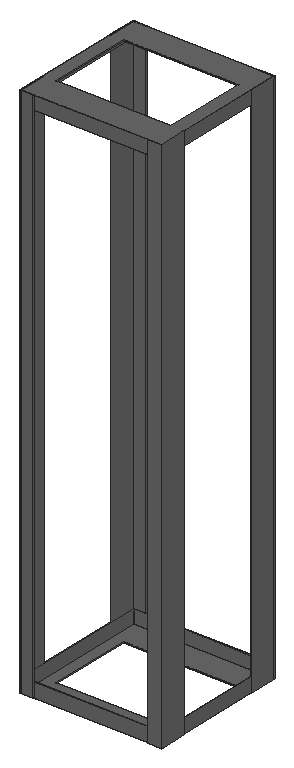
Revit family
Parameters (values of type "Server_Rack-Siemon-Four_Post_Rack")
  Weight = 105.00 lbf
  Version = ""
  U/M = "EA"
  U Space = "45"
  System = "RACKS, CABLE MGMT & ROUTEIT"
  Serial Number = "RSQ1-07-S"
  Segment = "CSS"
  Rack Width = 635 mm
  Rack Depth [instance] = 20 mm
  Ports = 0
  Model = "VERSPOD 4 POST RACK"
  Manufacturer = "SIEMON"
  Lock = ""
  Loaded/Empty = "N/A"
  Item Group = "RACKS"
  Item Class = "1A"
  Door Construction Front = ""
  Door Construction Back = ""
  Description = "VPOD,4-POST RACK,ADJ,7FT X 19IN,STEEL,BLACK,45U"
  Color = "BLACK"
  Cabinet Width Overall = 558.8 mm
  Rack Height = 2131 mm
  Depth [instance] = if(Rack Depth > 914.4 mm, 914.4 mm, if(Rack Depth < 558.8 mm, 558.8 mm, Rack Depth))  # 558.8 mm
Reference planes
  plane 1 "Center (Front/Back)": y = 0
  plane 2: z = 0
  plane 3 "Center (Left/Right)": x = 0
  plane 4: x = -279.4
  plane 5: x = 279.4
  plane 6: y = 558.8
  plane 7: z = 2131
  plane 8: z = 2076
  plane 9: z = 2015.07
  plane 10: z = 1970.62
  plane 11: z = 1926.17
  plane 12: z = 1881.72
  plane 13: z = 1837.27
  plane 14: z = 1792.82
  plane 15: z = 1748.37
  plane 16: z = 1703.92
  plane 17: z = 1659.47
  plane 18: z = 1615.02
  plane 19: z = 1570.57
  plane 20: z = 1526.12
  plane 21: z = 1481.67
  plane 22: z = 1437.22
  plane 23: z = 1392.77
  plane 24: z = 1348.32
  plane 25: z = 1303.87
  plane 26: z = 1259.42
  plane 27: z = 1214.97
  plane 28: z = 1170.52
  plane 29: z = 1126.07
  plane 30: z = 1081.62
  plane 31: z = 1037.17
  plane 32: z = 992.72
  plane 33: z = 948.27
  plane 34: z = 903.82
  plane 35: z = 859.37
  plane 36: z = 814.92
  plane 37: z = 770.47
  plane 38: z = 726.02
  plane 39: z = 681.57
  plane 40: z = 637.12
  plane 41: z = 592.67
  plane 42: z = 548.22
  plane 43: z = 503.77
  plane 44: z = 459.32
  plane 45: z = 414.87
  plane 46: z = 370.42
  plane 47: z = 325.97
  plane 48: z = 281.52
  plane 49: z = 237.07
  plane 50: z = 192.62
  plane 51: z = 148.17
  plane 52: z = 103.72
  plane 53: z = 2059.52
  plane 54: x = 226.67
  plane 55: x = -226.67
  plane 56 "Front Middle": y = 112.5
  plane 57: y = 446.3
  plane 58: y = 2.7
  plane 59: y = 556.1
  plane 60: x = -276.7
  plane 61: x = 276.7
  plane 62: y = 552.4
  plane 63: x = -273
  plane 64: x = 273
  plane 65: y = 6.4
  plane 66: z = 2127.3
  plane 67: z = 55
  plane 68: z = 3.7
  plane 69: x = -232.5
  plane 70: x = 232.5
Forms (mm)
  Extrusion 1, solid, material "Metal-Siemon-Frame_Metal", detail levels medium+fine
    sketch origin (0, 0, 0) x (1, 0, 0) y (0, 1, 0)
      loop
        line (-279.4, 558.8) -> (-279.4, 446.3) -> (-276.7, 446.3) -> (-276.7, 558.8) -> (-279.4, 558.8)
      loop
        line (276.7, 558.8) -> (276.7, 446.3) -> (279.4, 446.3) -> (279.4, 558.8) -> (276.7, 558.8)
      loop
        line (279.4, 0) -> (279.4, 112.5) -> (276.7, 112.5) -> (276.7, 0) -> (279.4, 0)
      loop
        line (-279.4, 0) -> (-276.7, 0) -> (-276.7, 112.5) -> (-279.4, 112.5) -> (-279.4, 0)
    from 0 to 2131
  Extrusion 2, solid, material "Metal-Siemon-Frame_Metal", detail levels medium+fine
    sketch origin (0, 142, 0) x (-1, 0, 0) y (0, 0, 1)
      loop
        line (273, 2076) -> (276.7, 2076) -> (276.7, 2131) -> (226.67, 2131) -> (226.67, 2127.3) -> (273, 2127.3) -> (273, 2076)
      loop
        line (-273, 2076) -> (-273, 2127.3) -> (-226.67, 2127.3) -> (-226.67, 2131) -> (-276.7, 2131) -> (-276.7, 2076) -> (-273, 2076)
      loop
        line (273, 55) -> (273, 3.7) -> (226.67, 3.7) -> (226.67, 0) -> (276.7, 0) -> (276.7, 55) -> (273, 55)
      loop
        line (-273, 55) -> (-276.7, 55) -> (-276.7, 0) -> (-226.67, 0) -> (-226.67, 3.7) -> (-273, 3.7) -> (-273, 55)
    from -139.3 to 416.8
  Extrusion 3, solid, material "Metal-Siemon-Frame_Metal", detail levels medium+fine
    sketch origin (0, 0, 0) x (0, 1, 0) y (0, 0, 1)
      loop
        line (112.5, 0) -> (112.5, 3.7) -> (6.4, 3.7) -> (6.4, 55) -> (2.7, 55) -> (2.7, 0) -> (112.5, 0)
      loop
        line (446.3, 0) -> (556.1, 0) -> (556.1, 55) -> (552.4, 55) -> (552.4, 3.7) -> (446.3, 3.7) -> (446.3, 0)
      loop
        line (112.5, 2131) -> (2.7, 2131) -> (2.7, 2076) -> (6.4, 2076) -> (6.4, 2127.3) -> (112.5, 2127.3) -> (112.5, 2131)
      loop
        line (446.3, 2131) -> (446.3, 2127.3) -> (552.4, 2127.3) -> (552.4, 2076) -> (556.1, 2076) -> (556.1, 2131) -> (446.3, 2131)
    from -276.7 to 276.7
  Extrusion 4, solid, material "Metal-Siemon-Frame_Metal", detail levels medium+fine
    sketch origin (0, 142, 0) x (-1, 0, 0) y (0, 0, 1)
      loop
        line (279.4, 2131) -> (226.67, 2131) -> (226.67, 0) -> (279.4, 0) -> (279.4, 2131)
      loop
        line (-226.67, 2131) -> (-279.4, 2131) -> (-279.4, 0) -> (-226.67, 0) -> (-226.67, 2131)
    from -142 to -139.3
  Extrusion 5, solid, detail levels coarse
    sketch origin (0, 0, 0) x (1, 0, 0) y (0, 1, 0)
      loop
        line (-279.4, 558.8) -> (-279.4, 0) -> (279.4, 0) -> (279.4, 558.8) -> (-279.4, 558.8)
    from 0 to 2131
  Extrusion 6, solid, material "Transparency-Siemon-Frame_Transparent"
    sketch origin (0, 0, 0) x (1, 0, 0) y (0, 1, 0)
      loop
        line (-279.4, 558.8) -> (-279.4, 0) -> (279.4, 0) -> (279.4, 558.8) -> (-279.4, 558.8)
    from 0 to 2131
  Extrusion 7, solid, material "Metal-Siemon-Frame_Metal", detail levels medium+fine
    sketch origin (0, 1053.7, 0) x (-1, 0, 0) y (0, 0, 1)
      loop
        line (279.4, 2131) -> (226.67, 2131) -> (226.67, 0) -> (279.4, 0) -> (279.4, 2131)
      loop
        line (-226.67, 2131) -> (-279.4, 2131) -> (-279.4, 0) -> (-226.67, 0) -> (-226.67, 2131)
    from -497.6 to -494.9
Cuts and joins
  joined: Extrusion 2, Extrusion 3
  joined: Extrusion 1, Extrusion 4
Lines and regions (mm)
  Masking region 1
    outline origin (0, 0, 0) x (1, 0, 0) y (0, 1, 0)
      loop
        line (-279.4, 558.8) -> (-279.4, 0) -> (279.4, 0) -> (279.4, 558.8) -> (-279.4, 558.8)
  Masking region 2, detail levels coarse
    outline origin (0, 112.5, 0) x (-1, 0, 0) y (0, 0, 1)
      loop
        line (279.4, 2131) -> (-279.4, 2131) -> (-279.4, 0) -> (279.4, 0) -> (279.4, 2131)
  Masking region 3, detail levels medium+fine
    outline origin (0, 112.5, 0) x (-1, 0, 0) y (0, 0, 1)
      loop
        line (279.4, 2131) -> (-279.4, 2131) -> (-279.4, 0) -> (279.4, 0) -> (279.4, 2131)
      loop
        line (226.67, 2076) -> (-226.67, 2076) -> (-226.67, 55) -> (226.67, 55) -> (226.67, 2076)
  Masking region 4, detail levels coarse
    outline origin (0, 0, 0) x (0, 1, 0) y (0, 0, 1)
      loop
        line (558.8, 2131) -> (0, 2131) -> (0, 0) -> (558.8, 0) -> (558.8, 2131)
  Masking region 5, detail levels medium+fine
    outline origin (0, 0, 0) x (0, 1, 0) y (0, 0, 1)
      loop
        line (558.8, 2131) -> (0, 2131) -> (0, 0) -> (558.8, 0) -> (558.8, 2131)
      loop
        line (446.3, 2076) -> (112.5, 2076) -> (112.5, 55) -> (446.3, 55) -> (446.3, 2076)
  symbolic lines, style "Server Rack", detail levels fine
    curve 1: arc (-234.437, 142, 2059.52) -> (-232.187, 142, 2061.77) -> (-229.937, 142, 2059.52) r 2.25
    curve 2: arc (-234.437, 142, 2059.52) -> (-232.187, 142, 2057.27) -> (-229.937, 142, 2059.52) r 2.25
    curve 3: arc (-234.437, 142, 2015.07) -> (-232.187, 142, 2017.32) -> (-229.937, 142, 2015.07) r 2.25
    curve 4: arc (-234.437, 142, 2015.07) -> (-232.187, 142, 2012.82) -> (-229.937, 142, 2015.07) r 2.25
    curve 5: arc (-234.437, 142, 1970.62) -> (-232.187, 142, 1972.87) -> (-229.937, 142, 1970.62) r 2.25
    curve 6: arc (-234.437, 142, 1970.62) -> (-232.187, 142, 1968.37) -> (-229.937, 142, 1970.62) r 2.25
    curve 7: arc (-234.437, 142, 1926.17) -> (-232.187, 142, 1928.42) -> (-229.937, 142, 1926.17) r 2.25
    curve 8: arc (-234.437, 142, 1926.17) -> (-232.187, 142, 1923.92) -> (-229.937, 142, 1926.17) r 2.25
    curve 9: arc (-234.437, 142, 1881.72) -> (-232.187, 142, 1883.97) -> (-229.937, 142, 1881.72) r 2.25
    curve 10: arc (-234.437, 142, 1881.72) -> (-232.187, 142, 1879.47) -> (-229.937, 142, 1881.72) r 2.25
    curve 11: arc (-234.437, 142, 1837.27) -> (-232.187, 142, 1839.52) -> (-229.937, 142, 1837.27) r 2.25
    curve 12: arc (-234.437, 142, 1837.27) -> (-232.187, 142, 1835.02) -> (-229.937, 142, 1837.27) r 2.25
    curve 13: arc (-234.437, 142, 1792.82) -> (-232.187, 142, 1795.07) -> (-229.937, 142, 1792.82) r 2.25
    curve 14: arc (-234.437, 142, 1792.82) -> (-232.187, 142, 1790.57) -> (-229.937, 142, 1792.82) r 2.25
    curve 15: arc (-234.437, 142, 1748.37) -> (-232.187, 142, 1750.62) -> (-229.937, 142, 1748.37) r 2.25
    curve 16: arc (-234.437, 142, 1748.37) -> (-232.187, 142, 1746.12) -> (-229.937, 142, 1748.37) r 2.25
    curve 17: arc (-234.437, 142, 1703.92) -> (-232.187, 142, 1706.17) -> (-229.937, 142, 1703.92) r 2.25
    curve 18: arc (-234.437, 142, 1703.92) -> (-232.187, 142, 1701.67) -> (-229.937, 142, 1703.92) r 2.25
    curve 19: arc (-234.437, 142, 1659.47) -> (-232.187, 142, 1661.72) -> (-229.937, 142, 1659.47) r 2.25
    curve 20: arc (-234.437, 142, 1659.47) -> (-232.187, 142, 1657.22) -> (-229.937, 142, 1659.47) r 2.25
    curve 21: arc (-234.437, 142, 1615.02) -> (-232.187, 142, 1617.27) -> (-229.937, 142, 1615.02) r 2.25
    curve 22: arc (-234.437, 142, 1615.02) -> (-232.187, 142, 1612.77) -> (-229.937, 142, 1615.02) r 2.25
    curve 23: arc (-234.437, 142, 1570.57) -> (-232.187, 142, 1572.82) -> (-229.937, 142, 1570.57) r 2.25
    curve 24: arc (-234.437, 142, 1570.57) -> (-232.187, 142, 1568.32) -> (-229.937, 142, 1570.57) r 2.25
    curve 25: arc (-234.437, 142, 1526.12) -> (-232.187, 142, 1528.37) -> (-229.937, 142, 1526.12) r 2.25
    curve 26: arc (-234.437, 142, 1526.12) -> (-232.187, 142, 1523.87) -> (-229.937, 142, 1526.12) r 2.25
    curve 27: arc (-234.437, 142, 1481.67) -> (-232.187, 142, 1483.92) -> (-229.937, 142, 1481.67) r 2.25
    curve 28: arc (-234.437, 142, 1481.67) -> (-232.187, 142, 1479.42) -> (-229.937, 142, 1481.67) r 2.25
    curve 29: arc (-234.437, 142, 1437.22) -> (-232.187, 142, 1439.47) -> (-229.937, 142, 1437.22) r 2.25
    curve 30: arc (-234.437, 142, 1437.22) -> (-232.187, 142, 1434.97) -> (-229.937, 142, 1437.22) r 2.25
    curve 31: arc (-234.437, 142, 1392.77) -> (-232.187, 142, 1395.02) -> (-229.937, 142, 1392.77) r 2.25
    curve 32: arc (-234.437, 142, 1392.77) -> (-232.187, 142, 1390.52) -> (-229.937, 142, 1392.77) r 2.25
    curve 33: arc (-234.437, 142, 1348.32) -> (-232.187, 142, 1350.57) -> (-229.937, 142, 1348.32) r 2.25
    curve 34: arc (-234.437, 142, 1348.32) -> (-232.187, 142, 1346.07) -> (-229.937, 142, 1348.32) r 2.25
    curve 35: arc (-234.437, 142, 1303.87) -> (-232.187, 142, 1306.12) -> (-229.937, 142, 1303.87) r 2.25
    curve 36: arc (-234.437, 142, 1303.87) -> (-232.187, 142, 1301.62) -> (-229.937, 142, 1303.87) r 2.25
    curve 37: arc (-234.437, 142, 1259.42) -> (-232.187, 142, 1261.67) -> (-229.937, 142, 1259.42) r 2.25
    curve 38: arc (-234.437, 142, 1259.42) -> (-232.187, 142, 1257.17) -> (-229.937, 142, 1259.42) r 2.25
    curve 39: arc (-234.437, 142, 1214.97) -> (-232.187, 142, 1217.22) -> (-229.937, 142, 1214.97) r 2.25
    curve 40: arc (-234.437, 142, 1214.97) -> (-232.187, 142, 1212.72) -> (-229.937, 142, 1214.97) r 2.25
    curve 41: arc (-234.437, 142, 1170.52) -> (-232.187, 142, 1172.77) -> (-229.937, 142, 1170.52) r 2.25
    curve 42: arc (-234.437, 142, 1170.52) -> (-232.187, 142, 1168.27) -> (-229.937, 142, 1170.52) r 2.25
    curve 43: arc (-234.437, 142, 1126.07) -> (-232.187, 142, 1128.32) -> (-229.937, 142, 1126.07) r 2.25
    curve 44: arc (-234.437, 142, 1126.07) -> (-232.187, 142, 1123.82) -> (-229.937, 142, 1126.07) r 2.25
    curve 45: arc (-234.437, 142, 1081.62) -> (-232.187, 142, 1083.87) -> (-229.937, 142, 1081.62) r 2.25
    curve 46: arc (-234.437, 142, 1081.62) -> (-232.187, 142, 1079.37) -> (-229.937, 142, 1081.62) r 2.25
    curve 47: arc (-234.437, 142, 1037.17) -> (-232.187, 142, 1039.42) -> (-229.937, 142, 1037.17) r 2.25
    curve 48: arc (-234.437, 142, 1037.17) -> (-232.187, 142, 1034.92) -> (-229.937, 142, 1037.17) r 2.25
    curve 49: arc (-234.437, 142, 992.72) -> (-232.187, 142, 994.97) -> (-229.937, 142, 992.72) r 2.25
    curve 50: arc (-234.437, 142, 992.72) -> (-232.187, 142, 990.47) -> (-229.937, 142, 992.72) r 2.25
    curve 51: arc (-234.437, 142, 948.27) -> (-232.187, 142, 950.52) -> (-229.937, 142, 948.27) r 2.25
    curve 52: arc (-234.437, 142, 948.27) -> (-232.187, 142, 946.02) -> (-229.937, 142, 948.27) r 2.25
    curve 53: arc (-234.437, 142, 903.82) -> (-232.187, 142, 906.07) -> (-229.937, 142, 903.82) r 2.25
    curve 54: arc (-234.437, 142, 903.82) -> (-232.187, 142, 901.57) -> (-229.937, 142, 903.82) r 2.25
    curve 55: arc (-234.437, 142, 859.37) -> (-232.187, 142, 861.62) -> (-229.937, 142, 859.37) r 2.25
    curve 56: arc (-234.437, 142, 859.37) -> (-232.187, 142, 857.12) -> (-229.937, 142, 859.37) r 2.25
    curve 57: arc (-234.437, 142, 814.92) -> (-232.187, 142, 817.17) -> (-229.937, 142, 814.92) r 2.25
    curve 58: arc (-234.437, 142, 814.92) -> (-232.187, 142, 812.67) -> (-229.937, 142, 814.92) r 2.25
    curve 59: arc (-234.437, 142, 770.47) -> (-232.187, 142, 772.72) -> (-229.937, 142, 770.47) r 2.25
    curve 60: arc (-234.437, 142, 770.47) -> (-232.187, 142, 768.22) -> (-229.937, 142, 770.47) r 2.25
    curve 61: arc (-234.437, 142, 726.02) -> (-232.187, 142, 728.27) -> (-229.937, 142, 726.02) r 2.25
    curve 62: arc (-234.437, 142, 726.02) -> (-232.187, 142, 723.77) -> (-229.937, 142, 726.02) r 2.25
    curve 63: arc (-234.437, 142, 681.57) -> (-232.187, 142, 683.82) -> (-229.937, 142, 681.57) r 2.25
    curve 64: arc (-234.437, 142, 681.57) -> (-232.187, 142, 679.32) -> (-229.937, 142, 681.57) r 2.25
    curve 65: arc (-234.437, 142, 637.12) -> (-232.187, 142, 639.37) -> (-229.937, 142, 637.12) r 2.25
    curve 66: arc (-234.437, 142, 637.12) -> (-232.187, 142, 634.87) -> (-229.937, 142, 637.12) r 2.25
    curve 67: arc (-234.437, 142, 592.67) -> (-232.187, 142, 594.92) -> (-229.937, 142, 592.67) r 2.25
    curve 68: arc (-234.437, 142, 592.67) -> (-232.187, 142, 590.42) -> (-229.937, 142, 592.67) r 2.25
    curve 69: arc (-234.437, 142, 548.22) -> (-232.187, 142, 550.47) -> (-229.937, 142, 548.22) r 2.25
    curve 70: arc (-234.437, 142, 548.22) -> (-232.187, 142, 545.97) -> (-229.937, 142, 548.22) r 2.25
    curve 71: arc (-234.437, 142, 503.77) -> (-232.187, 142, 506.02) -> (-229.937, 142, 503.77) r 2.25
    curve 72: arc (-234.437, 142, 503.77) -> (-232.187, 142, 501.52) -> (-229.937, 142, 503.77) r 2.25
    curve 73: arc (-234.437, 142, 459.32) -> (-232.187, 142, 461.57) -> (-229.937, 142, 459.32) r 2.25
    curve 74: arc (-234.437, 142, 459.32) -> (-232.187, 142, 457.07) -> (-229.937, 142, 459.32) r 2.25
    curve 75: arc (-234.437, 142, 414.87) -> (-232.187, 142, 417.12) -> (-229.937, 142, 414.87) r 2.25
    curve 76: arc (-234.437, 142, 414.87) -> (-232.187, 142, 412.62) -> (-229.937, 142, 414.87) r 2.25
    curve 77: arc (-234.437, 142, 370.42) -> (-232.187, 142, 372.67) -> (-229.937, 142, 370.42) r 2.25
    curve 78: arc (-234.437, 142, 370.42) -> (-232.187, 142, 368.17) -> (-229.937, 142, 370.42) r 2.25
    curve 79: arc (-234.437, 142, 325.97) -> (-232.187, 142, 328.22) -> (-229.937, 142, 325.97) r 2.25
    curve 80: arc (-234.437, 142, 325.97) -> (-232.187, 142, 323.72) -> (-229.937, 142, 325.97) r 2.25
    curve 81: arc (-234.437, 142, 281.52) -> (-232.187, 142, 283.77) -> (-229.937, 142, 281.52) r 2.25
    curve 82: arc (-234.437, 142, 281.52) -> (-232.187, 142, 279.27) -> (-229.937, 142, 281.52) r 2.25
    curve 83: arc (-234.437, 142, 237.07) -> (-232.187, 142, 239.32) -> (-229.937, 142, 237.07) r 2.25
    curve 84: arc (-234.437, 142, 237.07) -> (-232.187, 142, 234.82) -> (-229.937, 142, 237.07) r 2.25
    curve 85: arc (-234.437, 142, 192.62) -> (-232.187, 142, 194.87) -> (-229.937, 142, 192.62) r 2.25
    curve 86: arc (-234.437, 142, 192.62) -> (-232.187, 142, 190.37) -> (-229.937, 142, 192.62) r 2.25
    curve 87: arc (-234.437, 142, 148.17) -> (-232.187, 142, 150.42) -> (-229.937, 142, 148.17) r 2.25
    curve 88: arc (-234.437, 142, 148.17) -> (-232.187, 142, 145.92) -> (-229.937, 142, 148.17) r 2.25
    curve 89: arc (-234.437, 142, 103.72) -> (-232.187, 142, 105.97) -> (-229.937, 142, 103.72) r 2.25
    curve 90: arc (-234.437, 142, 103.72) -> (-232.187, 142, 101.47) -> (-229.937, 142, 103.72) r 2.25
    curve 91: arc (234.75, 142, 2059.52) -> (232.5, 142, 2061.77) -> (230.25, 142, 2059.52) r 2.25
    curve 92: arc (234.75, 142, 2059.52) -> (232.5, 142, 2057.27) -> (230.25, 142, 2059.52) r 2.25
    curve 93: arc (234.75, 142, 2015.07) -> (232.5, 142, 2017.32) -> (230.25, 142, 2015.07) r 2.25
    curve 94: arc (234.75, 142, 2015.07) -> (232.5, 142, 2012.82) -> (230.25, 142, 2015.07) r 2.25
    curve 95: arc (234.75, 142, 1970.62) -> (232.5, 142, 1972.87) -> (230.25, 142, 1970.62) r 2.25
    curve 96: arc (234.75, 142, 1970.62) -> (232.5, 142, 1968.37) -> (230.25, 142, 1970.62) r 2.25
    curve 97: arc (234.75, 142, 1926.17) -> (232.5, 142, 1928.42) -> (230.25, 142, 1926.17) r 2.25
    curve 98: arc (234.75, 142, 1926.17) -> (232.5, 142, 1923.92) -> (230.25, 142, 1926.17) r 2.25
    curve 99: arc (234.75, 142, 1881.72) -> (232.5, 142, 1883.97) -> (230.25, 142, 1881.72) r 2.25
    curve 100: arc (234.75, 142, 1881.72) -> (232.5, 142, 1879.47) -> (230.25, 142, 1881.72) r 2.25
    curve 101: arc (234.75, 142, 1837.27) -> (232.5, 142, 1839.52) -> (230.25, 142, 1837.27) r 2.25
    curve 102: arc (234.75, 142, 1837.27) -> (232.5, 142, 1835.02) -> (230.25, 142, 1837.27) r 2.25
    curve 103: arc (234.75, 142, 1792.82) -> (232.5, 142, 1795.07) -> (230.25, 142, 1792.82) r 2.25
    curve 104: arc (234.75, 142, 1792.82) -> (232.5, 142, 1790.57) -> (230.25, 142, 1792.82) r 2.25
    curve 105: arc (234.75, 142, 1748.37) -> (232.5, 142, 1750.62) -> (230.25, 142, 1748.37) r 2.25
    curve 106: arc (234.75, 142, 1748.37) -> (232.5, 142, 1746.12) -> (230.25, 142, 1748.37) r 2.25
    curve 107: arc (234.75, 142, 1703.92) -> (232.5, 142, 1706.17) -> (230.25, 142, 1703.92) r 2.25
    curve 108: arc (234.75, 142, 1703.92) -> (232.5, 142, 1701.67) -> (230.25, 142, 1703.92) r 2.25
    curve 109: arc (234.75, 142, 1659.47) -> (232.5, 142, 1661.72) -> (230.25, 142, 1659.47) r 2.25
    curve 110: arc (234.75, 142, 1659.47) -> (232.5, 142, 1657.22) -> (230.25, 142, 1659.47) r 2.25
    curve 111: arc (234.75, 142, 1615.02) -> (232.5, 142, 1617.27) -> (230.25, 142, 1615.02) r 2.25
    curve 112: arc (234.75, 142, 1615.02) -> (232.5, 142, 1612.77) -> (230.25, 142, 1615.02) r 2.25
    curve 113: arc (234.75, 142, 1570.57) -> (232.5, 142, 1572.82) -> (230.25, 142, 1570.57) r 2.25
    curve 114: arc (234.75, 142, 1570.57) -> (232.5, 142, 1568.32) -> (230.25, 142, 1570.57) r 2.25
    curve 115: arc (234.75, 142, 1526.12) -> (232.5, 142, 1528.37) -> (230.25, 142, 1526.12) r 2.25
    curve 116: arc (234.75, 142, 1526.12) -> (232.5, 142, 1523.87) -> (230.25, 142, 1526.12) r 2.25
    curve 117: arc (234.75, 142, 1481.67) -> (232.5, 142, 1483.92) -> (230.25, 142, 1481.67) r 2.25
    curve 118: arc (234.75, 142, 1481.67) -> (232.5, 142, 1479.42) -> (230.25, 142, 1481.67) r 2.25
    curve 119: arc (234.75, 142, 1437.22) -> (232.5, 142, 1439.47) -> (230.25, 142, 1437.22) r 2.25
    curve 120: arc (234.75, 142, 1437.22) -> (232.5, 142, 1434.97) -> (230.25, 142, 1437.22) r 2.25
    curve 121: arc (234.75, 142, 1392.77) -> (232.5, 142, 1395.02) -> (230.25, 142, 1392.77) r 2.25
    curve 122: arc (234.75, 142, 1392.77) -> (232.5, 142, 1390.52) -> (230.25, 142, 1392.77) r 2.25
    curve 123: arc (234.75, 142, 1348.32) -> (232.5, 142, 1350.57) -> (230.25, 142, 1348.32) r 2.25
    curve 124: arc (234.75, 142, 1348.32) -> (232.5, 142, 1346.07) -> (230.25, 142, 1348.32) r 2.25
    curve 125: arc (234.75, 142, 1303.87) -> (232.5, 142, 1306.12) -> (230.25, 142, 1303.87) r 2.25
    curve 126: arc (234.75, 142, 1303.87) -> (232.5, 142, 1301.62) -> (230.25, 142, 1303.87) r 2.25
    curve 127: arc (234.75, 142, 1259.42) -> (232.5, 142, 1261.67) -> (230.25, 142, 1259.42) r 2.25
    curve 128: arc (234.75, 142, 1259.42) -> (232.5, 142, 1257.17) -> (230.25, 142, 1259.42) r 2.25
    curve 129: arc (234.75, 142, 1214.97) -> (232.5, 142, 1217.22) -> (230.25, 142, 1214.97) r 2.25
    curve 130: arc (234.75, 142, 1214.97) -> (232.5, 142, 1212.72) -> (230.25, 142, 1214.97) r 2.25
    curve 131: arc (234.75, 142, 1170.52) -> (232.5, 142, 1172.77) -> (230.25, 142, 1170.52) r 2.25
    curve 132: arc (234.75, 142, 1170.52) -> (232.5, 142, 1168.27) -> (230.25, 142, 1170.52) r 2.25
    curve 133: arc (234.75, 142, 1126.07) -> (232.5, 142, 1128.32) -> (230.25, 142, 1126.07) r 2.25
    curve 134: arc (234.75, 142, 1126.07) -> (232.5, 142, 1123.82) -> (230.25, 142, 1126.07) r 2.25
    curve 135: arc (234.75, 142, 1081.62) -> (232.5, 142, 1083.87) -> (230.25, 142, 1081.62) r 2.25
    curve 136: arc (234.75, 142, 1081.62) -> (232.5, 142, 1079.37) -> (230.25, 142, 1081.62) r 2.25
    curve 137: arc (234.75, 142, 1037.17) -> (232.5, 142, 1039.42) -> (230.25, 142, 1037.17) r 2.25
    curve 138: arc (234.75, 142, 1037.17) -> (232.5, 142, 1034.92) -> (230.25, 142, 1037.17) r 2.25
    curve 139: arc (234.75, 142, 992.72) -> (232.5, 142, 994.97) -> (230.25, 142, 992.72) r 2.25
    curve 140: arc (234.75, 142, 992.72) -> (232.5, 142, 990.47) -> (230.25, 142, 992.72) r 2.25
    curve 141: arc (234.75, 142, 948.27) -> (232.5, 142, 950.52) -> (230.25, 142, 948.27) r 2.25
    curve 142: arc (234.75, 142, 948.27) -> (232.5, 142, 946.02) -> (230.25, 142, 948.27) r 2.25
    curve 143: arc (234.75, 142, 903.82) -> (232.5, 142, 906.07) -> (230.25, 142, 903.82) r 2.25
    curve 144: arc (234.75, 142, 903.82) -> (232.5, 142, 901.57) -> (230.25, 142, 903.82) r 2.25
    curve 145: arc (234.75, 142, 859.37) -> (232.5, 142, 861.62) -> (230.25, 142, 859.37) r 2.25
    curve 146: arc (234.75, 142, 859.37) -> (232.5, 142, 857.12) -> (230.25, 142, 859.37) r 2.25
    curve 147: arc (234.75, 142, 814.92) -> (232.5, 142, 817.17) -> (230.25, 142, 814.92) r 2.25
    curve 148: arc (234.75, 142, 814.92) -> (232.5, 142, 812.67) -> (230.25, 142, 814.92) r 2.25
    curve 149: arc (234.75, 142, 770.47) -> (232.5, 142, 772.72) -> (230.25, 142, 770.47) r 2.25
    curve 150: arc (234.75, 142, 770.47) -> (232.5, 142, 768.22) -> (230.25, 142, 770.47) r 2.25
    curve 151: arc (234.75, 142, 726.02) -> (232.5, 142, 728.27) -> (230.25, 142, 726.02) r 2.25
    curve 152: arc (234.75, 142, 726.02) -> (232.5, 142, 723.77) -> (230.25, 142, 726.02) r 2.25
    curve 153: arc (234.75, 142, 681.57) -> (232.5, 142, 683.82) -> (230.25, 142, 681.57) r 2.25
    curve 154: arc (234.75, 142, 681.57) -> (232.5, 142, 679.32) -> (230.25, 142, 681.57) r 2.25
    curve 155: arc (234.75, 142, 637.12) -> (232.5, 142, 639.37) -> (230.25, 142, 637.12) r 2.25
    curve 156: arc (234.75, 142, 637.12) -> (232.5, 142, 634.87) -> (230.25, 142, 637.12) r 2.25
    curve 157: arc (234.75, 142, 592.67) -> (232.5, 142, 594.92) -> (230.25, 142, 592.67) r 2.25
    curve 158: arc (234.75, 142, 592.67) -> (232.5, 142, 590.42) -> (230.25, 142, 592.67) r 2.25
    curve 159: arc (234.75, 142, 548.22) -> (232.5, 142, 550.47) -> (230.25, 142, 548.22) r 2.25
    curve 160: arc (234.75, 142, 548.22) -> (232.5, 142, 545.97) -> (230.25, 142, 548.22) r 2.25
    curve 161: arc (234.75, 142, 503.77) -> (232.5, 142, 506.02) -> (230.25, 142, 503.77) r 2.25
    curve 162: arc (234.75, 142, 503.77) -> (232.5, 142, 501.52) -> (230.25, 142, 503.77) r 2.25
    curve 163: arc (234.75, 142, 459.32) -> (232.5, 142, 461.57) -> (230.25, 142, 459.32) r 2.25
    curve 164: arc (234.75, 142, 459.32) -> (232.5, 142, 457.07) -> (230.25, 142, 459.32) r 2.25
    curve 165: arc (234.75, 142, 414.87) -> (232.5, 142, 417.12) -> (230.25, 142, 414.87) r 2.25
    curve 166: arc (234.75, 142, 414.87) -> (232.5, 142, 412.62) -> (230.25, 142, 414.87) r 2.25
    curve 167: arc (234.75, 142, 370.42) -> (232.5, 142, 372.67) -> (230.25, 142, 370.42) r 2.25
    curve 168: arc (234.75, 142, 370.42) -> (232.5, 142, 368.17) -> (230.25, 142, 370.42) r 2.25
    curve 169: arc (234.75, 142, 325.97) -> (232.5, 142, 328.22) -> (230.25, 142, 325.97) r 2.25
    curve 170: arc (234.75, 142, 325.97) -> (232.5, 142, 323.72) -> (230.25, 142, 325.97) r 2.25
    curve 171: arc (234.75, 142, 281.52) -> (232.5, 142, 283.77) -> (230.25, 142, 281.52) r 2.25
    curve 172: arc (234.75, 142, 281.52) -> (232.5, 142, 279.27) -> (230.25, 142, 281.52) r 2.25
    curve 173: arc (234.75, 142, 237.07) -> (232.5, 142, 239.32) -> (230.25, 142, 237.07) r 2.25
    curve 174: arc (234.75, 142, 237.07) -> (232.5, 142, 234.82) -> (230.25, 142, 237.07) r 2.25
    curve 175: arc (234.75, 142, 192.62) -> (232.5, 142, 194.87) -> (230.25, 142, 192.62) r 2.25
    curve 176: arc (234.75, 142, 192.62) -> (232.5, 142, 190.37) -> (230.25, 142, 192.62) r 2.25
    curve 177: arc (234.75, 142, 148.17) -> (232.5, 142, 150.42) -> (230.25, 142, 148.17) r 2.25
    curve 178: arc (234.75, 142, 148.17) -> (232.5, 142, 145.92) -> (230.25, 142, 148.17) r 2.25
    curve 179: arc (234.75, 142, 103.72) -> (232.5, 142, 105.97) -> (230.25, 142, 103.72) r 2.25
    curve 180: arc (234.75, 142, 103.72) -> (232.5, 142, 101.47) -> (230.25, 142, 103.72) r 2.25
    curve 181: line (-226.67, 446.3, 0) -> (226.67, 446.3, 0)
    curve 182: line (-226.67, 112.5, 0) -> (-226.67, 446.3, 0)
    curve 183: line (226.67, 112.5, 0) -> (-226.67, 112.5, 0)
    curve 184: line (226.67, 446.3, 0) -> (226.67, 112.5, 0)
Dimensions and locks
  equal spacing: plane 4, plane 3 "Center (Left/Right)", plane 5
  "Cabinet Width Overall": plane 4 to plane 5
  "Rack Height": plane 7 to plane 2
  locked: plane 7 to plane 8 at 55
  "Depth": plane 1 "Center (Front/Back)" to plane 6
  locked: plane 7 to plane 53 at 71.48
  equal spacing: plane 53, plane 9, plane 10, plane 11, plane 12, plane 13, plane 14, plane 15, plane 16, plane 17, plane 18, plane 19, plane 20, plane 21, plane 22, plane 23, plane 24, plane 25, plane 26, plane 27, plane 28, plane 29, plane 30, plane 31, plane 32, plane 33, plane 34, plane 35, plane 36, plane 37, plane 38, plane 39, plane 40, plane 41, plane 42, plane 43, plane 44, plane 45, plane 46, plane 47, plane 48, plane 49, plane 50, plane 51, plane 52
  plane 53 to plane 9 = 44.45 mm
  locked: plane 54 to plane 5 at 52.73
  locked: plane 55 to plane 4 at 52.73
  locked: plane 6 to plane 57 at 112.5
  locked: plane 56 "Front Middle" to plane 1 "Center (Front/Back)" at 112.5
  locked: plane 59 to plane 6 at 2.7
  locked: plane 58 to plane 1 "Center (Front/Back)" at 2.7
  locked: plane 4 to plane 60 at 2.7
  locked: plane 61 to plane 5 at 2.7
  locked: plane 65 to plane 58 at 3.7
  locked: plane 62 to plane 59 at 3.7
  locked: plane 60 to plane 63 at 3.7
  locked: plane 64 to plane 61 at 3.7
  locked: plane 7 to plane 66 at 3.7
  locked: plane 67 to level at 55
  locked: plane 68 to level at 3.7
  locked: plane 5 to plane 70 at 46.9
  locked: plane 4 to plane 69 at 46.9
  aligned and locked: level to plane 2
  aligned and locked: plane 4 to Extrusion 1 sketch curve
  aligned and locked: Extrusion 1 sketch curve to plane 6  (x2)
  aligned and locked: plane 57 to Extrusion 1 sketch curve
  aligned and locked: Extrusion 1 sketch curve to plane 5  (x2)
  aligned and locked: plane 1 "Center (Front/Back)" to Extrusion 1 sketch curve
  aligned and locked: plane 7 to Extrusion 1
  aligned and locked: Extrusion 1 to level
  aligned and locked: Extrusion 1 sketch curve to plane 60
  aligned and locked: Extrusion 1 sketch curve to plane 56 "Front Middle"
  aligned and locked: Extrusion 1 sketch curve to plane 61  (x2)
  aligned and locked: plane 56 "Front Middle" to Extrusion 1 sketch curve
  aligned and locked: Extrusion 1 sketch curve to plane 57  (x2)
  aligned and locked: plane 60 to Extrusion 1 sketch curve
  aligned and locked: plane 8 to Extrusion 2 sketch curve
  aligned and locked: plane 55 to Extrusion 2 sketch curve
  aligned and locked: plane 66 to Extrusion 2 sketch curve
  aligned and locked: Extrusion 2 sketch curve to plane 7
  aligned and locked: Extrusion 2 sketch curve to plane 63
  aligned and locked: plane 60 to Extrusion 2 sketch curve
  aligned and locked: Extrusion 2 sketch curve to plane 54
  aligned and locked: Extrusion 2 sketch curve to plane 8
  aligned and locked: Extrusion 2 sketch curve to plane 64
  aligned and locked: plane 61 to Extrusion 2 sketch curve
  aligned and locked: Extrusion 2 sketch curve to plane 66
  aligned and locked: plane 7 to Extrusion 2 sketch curve
  aligned: Extrusion 2 to Extrusion 1  (x2)
  aligned and locked: plane 67 to Extrusion 2 sketch curve
  aligned and locked: plane 68 to Extrusion 2 sketch curve
  aligned and locked: Extrusion 2 sketch curve to level
  aligned and locked: plane 63 to Extrusion 2 sketch curve
  aligned and locked: Extrusion 2 sketch curve to Extrusion 1
  aligned and locked: plane 54 to Extrusion 2 sketch curve
  aligned and locked: Extrusion 2 sketch curve to plane 67
  aligned and locked: plane 64 to Extrusion 2 sketch curve
  aligned and locked: Extrusion 2 sketch curve to plane 61
  aligned and locked: level to Extrusion 2 sketch curve
  aligned and locked: Extrusion 2 sketch curve to plane 68
  aligned and locked: Extrusion 3 sketch curve to plane 56 "Front Middle"
  aligned and locked: Extrusion 3 sketch curve to plane 67
  aligned and locked: Extrusion 3 sketch curve to plane 65
  aligned and locked: plane 58 to Extrusion 3 sketch curve
  aligned and locked: level to Extrusion 3 sketch curve
  aligned and locked: Extrusion 3 sketch curve to plane 68
  aligned and locked: Extrusion 3 sketch curve to plane 57
  aligned and locked: Extrusion 2 to Extrusion 3 sketch curve  (x2)
  aligned and locked: plane 62 to Extrusion 3 sketch curve
  aligned and locked: plane 67 to Extrusion 3 sketch curve
  aligned and locked: Extrusion 3 sketch curve to plane 59
  aligned and locked: plane 8 to Extrusion 3 sketch curve
  aligned and locked: Extrusion 3 sketch curve to plane 62
  aligned and locked: plane 59 to Extrusion 3 sketch curve
  aligned and locked: plane 57 to Extrusion 3 sketch curve
  aligned and locked: plane 66 to Extrusion 3 sketch curve
  aligned and locked: Extrusion 3 sketch curve to plane 7
  aligned and locked: plane 56 "Front Middle" to Extrusion 3 sketch curve
  aligned and locked: Extrusion 3 sketch curve to plane 66
  aligned and locked: plane 7 to Extrusion 3 sketch curve
  aligned and locked: Extrusion 3 sketch curve to plane 8
  aligned and locked: plane 65 to Extrusion 3 sketch curve
  aligned and locked: Extrusion 3 sketch curve to plane 58
  aligned and locked: Extrusion 3 to plane 60
  aligned and locked: Extrusion 3 to Extrusion 1
  aligned and locked: Extrusion 1 to Extrusion 4 sketch curve
  aligned and locked: Extrusion 4 sketch curve to Extrusion 1  (x3)
  aligned and locked: cut or joined group of Extrusion 2, Extrusion 3 to Extrusion 4 sketch curve  (x3)
  aligned and locked: Extrusion 4 sketch curve to cut or joined group of Extrusion 2, Extrusion 3
  aligned and locked: plane 9 to curve 4
  aligned and locked: plane 9 to curve 3
  aligned and locked: plane 10 to curve 6
  aligned and locked: plane 10 to curve 5
  aligned and locked: plane 11 to curve 7
  aligned and locked: plane 11 to curve 8
  aligned and locked: plane 12 to curve 9  (x2)
  aligned and locked: plane 13 to curve 11  (x2)
  aligned and locked: plane 14 to curve 14
  aligned and locked: plane 14 to curve 13
  aligned and locked: plane 15 to curve 15  (x2)
  aligned and locked: plane 16 to curve 18
  aligned and locked: plane 16 to curve 17
  aligned and locked: plane 17 to curve 20  (x2)
  aligned and locked: plane 18 to curve 22
  aligned and locked: plane 19 to curve 24
  aligned and locked: plane 19 to curve 23
  aligned and locked: plane 18 to curve 21
  aligned and locked: plane 20 to curve 25
  aligned and locked: plane 20 to curve 26
  aligned and locked: plane 21 to curve 27  (x2)
  aligned and locked: plane 22 to curve 30
  aligned and locked: plane 22 to curve 29
  aligned and locked: plane 23 to curve 31
  aligned and locked: plane 23 to curve 32
  aligned and locked: plane 24 to curve 33  (x2)
  aligned and locked: plane 25 to curve 36
  aligned and locked: plane 25 to curve 35
  aligned and locked: plane 26 to curve 38
  aligned and locked: plane 26 to curve 37
  aligned and locked: plane 27 to curve 39
  aligned and locked: plane 27 to curve 40
  aligned and locked: plane 28 to curve 41
  aligned and locked: plane 28 to curve 42
  aligned and locked: plane 29 to curve 43
  aligned and locked: plane 29 to curve 44
  aligned and locked: plane 30 to curve 45
  aligned and locked: plane 30 to curve 46
  aligned and locked: plane 31 to curve 47  (x2)
  aligned and locked: plane 32 to curve 49
  aligned and locked: plane 32 to curve 50
  aligned and locked: plane 33 to curve 51
  aligned and locked: plane 33 to curve 52
  aligned and locked: plane 34 to curve 53
  aligned and locked: plane 34 to curve 54
  aligned and locked: plane 35 to curve 55  (x2)
  aligned and locked: plane 36 to curve 57
  aligned and locked: plane 36 to curve 58
  aligned and locked: plane 37 to curve 59
  aligned and locked: plane 37 to curve 60
  aligned and locked: plane 38 to curve 61
  aligned and locked: plane 38 to curve 62
  aligned and locked: plane 39 to curve 64
  aligned and locked: plane 39 to curve 63
  aligned and locked: plane 40 to curve 65
  aligned and locked: plane 40 to curve 66
  aligned and locked: plane 41 to curve 67
  aligned and locked: plane 41 to curve 68
  aligned and locked: plane 42 to curve 69
  aligned and locked: plane 42 to curve 70
  aligned and locked: plane 43 to curve 71  (x2)
  aligned and locked: plane 44 to curve 73
  aligned and locked: plane 44 to curve 74
  aligned and locked: plane 45 to curve 75
  aligned and locked: plane 45 to curve 76
  aligned and locked: plane 46 to curve 77
  aligned and locked: plane 46 to curve 78
  aligned and locked: plane 47 to curve 79  (x2)
  aligned and locked: plane 48 to curve 81  (x2)
  aligned and locked: plane 49 to curve 83  (x2)
  aligned and locked: plane 50 to curve 85  (x2)
  aligned and locked: plane 51 to curve 87  (x2)
  aligned and locked: plane 52 to curve 89
  aligned and locked: plane 52 to curve 90
  aligned and locked: plane 1 "Center (Front/Back)" to Extrusion 4
  aligned and locked: plane 58 to Extrusion 4
  aligned and locked: plane 53 to curve 91  (x2)
  aligned and locked: plane 53 to curve 92
  aligned and locked: plane 9 to curve 93  (x2)
  aligned and locked: plane 10 to curve 96  (x2)
  aligned and locked: plane 11 to curve 98  (x2)
  aligned and locked: plane 12 to curve 100  (x2)
  aligned and locked: plane 13 to curve 102  (x2)
  aligned and locked: plane 14 to curve 104  (x2)
  aligned and locked: plane 15 to curve 106  (x2)
  aligned and locked: plane 16 to curve 108  (x2)
  aligned and locked: plane 17 to curve 110  (x2)
  aligned and locked: plane 18 to curve 112  (x2)
  aligned and locked: plane 19 to curve 114  (x2)
  aligned and locked: plane 20 to curve 116  (x2)
  aligned and locked: plane 21 to curve 118  (x2)
  aligned and locked: plane 22 to curve 120  (x2)
  aligned and locked: plane 23 to curve 122  (x2)
  aligned and locked: plane 24 to curve 124  (x2)
  aligned and locked: plane 25 to curve 126  (x2)
  aligned and locked: plane 26 to curve 128  (x2)
  aligned and locked: plane 27 to curve 130  (x2)
  aligned and locked: plane 28 to curve 132  (x2)
  aligned and locked: plane 29 to curve 134  (x2)
  aligned and locked: plane 30 to curve 136  (x2)
  aligned and locked: plane 31 to curve 138  (x2)
  aligned and locked: plane 32 to curve 140  (x2)
  aligned and locked: plane 33 to curve 142  (x2)
  aligned and locked: plane 34 to curve 144  (x2)
  aligned and locked: plane 35 to curve 146  (x2)
  aligned and locked: plane 36 to curve 148  (x2)
  aligned and locked: plane 37 to curve 150  (x2)
  aligned and locked: plane 38 to curve 152  (x2)
  aligned and locked: plane 39 to curve 154  (x2)
  aligned and locked: plane 40 to curve 156  (x2)
  aligned and locked: plane 41 to curve 158  (x2)
  aligned and locked: plane 42 to curve 160  (x2)
  aligned and locked: plane 43 to curve 162  (x2)
  aligned and locked: plane 44 to curve 164  (x2)
  aligned and locked: plane 45 to curve 166  (x2)
  aligned and locked: plane 46 to curve 168  (x2)
  aligned and locked: plane 47 to curve 170  (x2)
  aligned and locked: plane 48 to curve 172  (x2)
  aligned and locked: plane 49 to curve 174  (x2)
  aligned and locked: plane 50 to curve 176  (x2)
  aligned and locked: plane 51 to curve 178  (x2)
  aligned and locked: plane 52 to curve 180  (x2)
  aligned and locked: Extrusion 5 sketch curve to cut or joined group of Extrusion 1, Extrusion 4  (x3)
  aligned and locked: cut or joined group of Extrusion 1, Extrusion 4 to Extrusion 5 sketch curve
  aligned and locked: plane 7 to Extrusion 5
  aligned and locked: Extrusion 5 to level
  aligned and locked: Extrusion 6 sketch curve to Extrusion 5  (x3)
  aligned and locked: cut or joined group of Extrusion 1, Extrusion 4 to Extrusion 6 sketch curve
  aligned and locked: plane 7 to Extrusion 6
  aligned and locked: plane 6 to Extrusion 6
  aligned and locked: cut or joined group of Extrusion 2, Extrusion 3 to plane 59
  aligned and locked: Masking region 1 sketch curve to Extrusion 5  (x3)
  aligned and locked: cut or joined group of Extrusion 1, Extrusion 4 to Masking region 1 sketch curve
  aligned and locked: cut or joined group of Extrusion 2, Extrusion 3 to curve 181
  aligned and locked: curve 181 to cut or joined group of Extrusion 2, Extrusion 3
  aligned and locked: curve 184 to cut or joined group of Extrusion 2, Extrusion 3
  aligned and locked: cut or joined group of Extrusion 2, Extrusion 3 to curve 184
  aligned and locked: cut or joined group of Extrusion 1, Extrusion 4 to Masking region 2 sketch curve
  aligned and locked: Masking region 2 sketch curve to cut or joined group of Extrusion 1, Extrusion 4  (x3)
  aligned and locked: cut or joined group of Extrusion 1, Extrusion 4 to Masking region 3 sketch curve
  aligned and locked: Masking region 3 sketch curve to cut or joined group of Extrusion 1, Extrusion 4  (x3)
  aligned and locked: plane 55 to Masking region 3 sketch curve
  aligned and locked: plane 8 to Masking region 3 sketch curve
  aligned and locked: plane 67 to Masking region 3 sketch curve
  aligned and locked: plane 54 to Masking region 3 sketch curve
  aligned and locked: cut or joined group of Extrusion 1, Extrusion 4 to Masking region 4 sketch curve
  aligned and locked: Masking region 4 sketch curve to cut or joined group of Extrusion 1, Extrusion 4  (x3)
  aligned and locked: cut or joined group of Extrusion 1, Extrusion 4 to Masking region 5 sketch curve
  aligned and locked: Masking region 5 sketch curve to cut or joined group of Extrusion 1, Extrusion 4  (x3)
  aligned and locked: plane 57 to Masking region 5 sketch curve
  aligned and locked: plane 8 to Masking region 5 sketch curve
  aligned and locked: plane 67 to Masking region 5 sketch curve
  aligned and locked: Masking region 5 sketch curve to plane 56 "Front Middle"
  aligned: Extrusion 7 to plane 6
  aligned and locked: plane 59 to Extrusion 7
  aligned and locked: plane 6 to Extrusion 7
  aligned and locked: plane 6 to cut or joined group of Extrusion 2, Extrusion 3
Automatic sketch dimensions
  curve 1 to curve 2 = 0 mm  (x2)
  curve 3 to curve 4 = 0 mm
  curve 5 to curve 6 = 0 mm
  curve 7 to curve 8 = 0 mm
  curve 9 to curve 10 = 0 mm
  curve 11 to curve 12 = 0 mm
  curve 13 to curve 14 = 0 mm
  curve 15 to curve 16 = 0 mm
  curve 17 to curve 18 = 0 mm
  curve 19 to curve 20 = 0 mm
  curve 21 to curve 22 = 0 mm
  curve 23 to curve 24 = 0 mm
  curve 25 to curve 26 = 0 mm
  curve 27 to curve 28 = 0 mm
  curve 29 to curve 30 = 0 mm
  curve 31 to curve 32 = 0 mm
  curve 33 to curve 34 = 0 mm
  curve 35 to curve 36 = 0 mm
  curve 37 to curve 38 = 0 mm
  curve 39 to curve 40 = 0 mm
  curve 41 to curve 42 = 0 mm
  curve 43 to curve 44 = 0 mm
  curve 45 to curve 46 = 0 mm
  curve 47 to curve 48 = 0 mm
  curve 49 to curve 50 = 0 mm
  curve 51 to curve 52 = 0 mm
  curve 53 to curve 54 = 0 mm
  curve 55 to curve 56 = 0 mm
  curve 57 to curve 58 = 0 mm
  curve 59 to curve 60 = 0 mm
  curve 61 to curve 62 = 0 mm
  curve 63 to curve 64 = 0 mm
  curve 65 to curve 66 = 0 mm
  curve 67 to curve 68 = 0 mm
  curve 69 to curve 70 = 0 mm
  curve 71 to curve 72 = 0 mm
  curve 73 to curve 74 = 0 mm
  curve 75 to curve 76 = 0 mm
  curve 77 to curve 78 = 0 mm
  curve 79 to curve 80 = 0 mm
  curve 81 to curve 82 = 0 mm
  curve 83 to curve 84 = 0 mm
  curve 85 to curve 86 = 0 mm
  curve 87 to curve 88 = 0 mm
  curve 89 to curve 90 = 0 mm
  curve 91 to curve 92 = 0 mm
  curve 93 to curve 94 = 0 mm
  curve 95 to curve 96 = 0 mm
  curve 97 to curve 98 = 0 mm
  curve 99 to curve 100 = 0 mm
  curve 101 to curve 102 = 0 mm
  curve 103 to curve 104 = 0 mm
  curve 105 to curve 106 = 0 mm
  curve 107 to curve 108 = 0 mm
  curve 109 to curve 110 = 0 mm
  curve 111 to curve 112 = 0 mm
  curve 113 to curve 114 = 0 mm
  curve 115 to curve 116 = 0 mm
  curve 117 to curve 118 = 0 mm
  curve 119 to curve 120 = 0 mm
  curve 121 to curve 122 = 0 mm
  curve 123 to curve 124 = 0 mm
  curve 125 to curve 126 = 0 mm
  curve 127 to curve 128 = 0 mm
  curve 129 to curve 130 = 0 mm
  curve 131 to curve 132 = 0 mm
  curve 133 to curve 134 = 0 mm
  curve 135 to curve 136 = 0 mm
  curve 137 to curve 138 = 0 mm
  curve 139 to curve 140 = 0 mm
  curve 141 to curve 142 = 0 mm
  curve 143 to curve 144 = 0 mm
  curve 145 to curve 146 = 0 mm
  curve 147 to curve 148 = 0 mm
  curve 149 to curve 150 = 0 mm
  curve 151 to curve 152 = 0 mm
  curve 153 to curve 154 = 0 mm
  curve 155 to curve 156 = 0 mm
  curve 157 to curve 158 = 0 mm
  curve 159 to curve 160 = 0 mm
  curve 161 to curve 162 = 0 mm
  curve 163 to curve 164 = 0 mm
  curve 165 to curve 166 = 0 mm
  curve 167 to curve 168 = 0 mm
  curve 169 to curve 170 = 0 mm
  curve 171 to curve 172 = 0 mm
  curve 173 to curve 174 = 0 mm
  curve 175 to curve 176 = 0 mm
  curve 177 to curve 178 = 0 mm
  curve 179 to curve 180 = 0 mm
  curve 106 to plane 70 = 0 mm
  curve 152 to plane 70 = 0 mm
  curve 150 to plane 70 = 0 mm
  curve 107 to plane 70 = 0 mm
  curve 153 to plane 70 = 0 mm
  curve 148 to plane 70 = 0 mm
  curve 155 to plane 70 = 0 mm
  curve 104 to plane 70 = 0 mm
  curve 146 to plane 70 = 0 mm
  curve 109 to plane 70 = 0 mm
  curve 157 to plane 70 = 0 mm
  curve 144 to plane 70 = 0 mm
  curve 159 to plane 70 = 0 mm
  curve 102 to plane 70 = 0 mm
  curve 142 to plane 70 = 0 mm
  curve 111 to plane 70 = 0 mm
  curve 161 to plane 70 = 0 mm
  curve 140 to plane 70 = 0 mm
  curve 163 to plane 70 = 0 mm
  curve 100 to plane 70 = 0 mm
  curve 138 to plane 70 = 0 mm
  curve 113 to plane 70 = 0 mm
  curve 165 to plane 70 = 0 mm
  curve 136 to plane 70 = 0 mm
  curve 167 to plane 70 = 0 mm
  curve 98 to plane 70 = 0 mm
  curve 134 to plane 70 = 0 mm
  curve 115 to plane 70 = 0 mm
  curve 169 to plane 70 = 0 mm
  curve 132 to plane 70 = 0 mm
  curve 171 to plane 70 = 0 mm
  curve 96 to plane 70 = 0 mm
  curve 130 to plane 70 = 0 mm
  curve 117 to plane 70 = 0 mm
  curve 173 to plane 70 = 0 mm
  curve 128 to plane 70 = 0 mm
  curve 175 to plane 70 = 0 mm
  curve 94 to plane 70 = 0 mm
  curve 126 to plane 70 = 0 mm
  curve 119 to plane 70 = 0 mm
  curve 177 to plane 70 = 0 mm
  curve 124 to plane 70 = 0 mm
  curve 179 to plane 70 = 0 mm
  curve 92 to plane 70 = 0 mm
  curve 122 to plane 70 = 0 mm
  curve 1 to plane 53 = 0 mm
  curve 121 to curve 121 = 2.25 mm
  curve 151 to curve 151 = 2.25 mm
  curve 106 to curve 105 = 2.25 mm
  curve 150 to curve 149 = 2.25 mm
  curve 153 to curve 153 = 2.25 mm
  curve 107 to curve 107 = 2.25 mm
  curve 148 to curve 147 = 2.25 mm
  curve 104 to curve 103 = 2.25 mm
  curve 155 to curve 155 = 2.25 mm
  curve 146 to curve 145 = 2.25 mm
  curve 157 to curve 157 = 2.25 mm
  curve 109 to curve 109 = 2.25 mm
  curve 144 to curve 143 = 2.25 mm
  curve 102 to curve 101 = 2.25 mm
  curve 159 to curve 159 = 2.25 mm
  curve 142 to curve 141 = 2.25 mm
  curve 161 to curve 161 = 2.25 mm
  curve 111 to curve 111 = 2.25 mm
  curve 140 to curve 139 = 2.25 mm
  curve 100 to curve 99 = 2.25 mm
  curve 163 to curve 163 = 2.25 mm
  curve 138 to curve 137 = 2.25 mm
  curve 165 to curve 165 = 2.25 mm
  curve 113 to curve 113 = 2.25 mm
  curve 136 to curve 135 = 2.25 mm
  curve 98 to curve 97 = 2.25 mm
  curve 167 to curve 167 = 2.25 mm
  curve 134 to curve 133 = 2.25 mm
  curve 169 to curve 169 = 2.25 mm
  curve 115 to curve 115 = 2.25 mm
  curve 132 to curve 131 = 2.25 mm
  curve 96 to curve 95 = 2.25 mm
  curve 171 to curve 171 = 2.25 mm
  curve 130 to curve 129 = 2.25 mm
  curve 173 to curve 173 = 2.25 mm
  curve 117 to curve 117 = 2.25 mm
  curve 128 to curve 127 = 2.25 mm
  curve 94 to curve 93 = 2.25 mm
  curve 175 to curve 175 = 2.25 mm
  curve 126 to curve 125 = 2.25 mm
  curve 177 to curve 177 = 2.25 mm
  curve 119 to curve 119 = 2.25 mm
  curve 124 to curve 123 = 2.25 mm
  curve 92 to curve 91 = 2.25 mm
  curve 179 to curve 179 = 2.25 mm
  curve 90 to plane 69 = 2.563 mm
  curve 1 to plane 69 = 2.563 mm
  curve 3 to plane 69 = 2.563 mm
  curve 88 to plane 69 = 2.563 mm
  curve 5 to plane 69 = 2.563 mm
  curve 7 to plane 69 = 2.563 mm
  curve 86 to plane 69 = 2.563 mm
  curve 9 to plane 69 = 2.563 mm
  curve 11 to plane 69 = 2.563 mm
  curve 84 to plane 69 = 2.563 mm
  curve 13 to plane 69 = 2.563 mm
  curve 15 to plane 69 = 2.563 mm
  curve 82 to plane 69 = 2.563 mm
  curve 17 to plane 69 = 2.563 mm
  curve 19 to plane 69 = 2.563 mm
  curve 80 to plane 69 = 2.563 mm
  curve 21 to plane 69 = 2.563 mm
  curve 23 to plane 69 = 2.563 mm
  curve 78 to plane 69 = 2.563 mm
  curve 25 to plane 69 = 2.563 mm
  curve 27 to plane 69 = 2.563 mm
  curve 76 to plane 69 = 2.563 mm
  curve 29 to plane 69 = 2.563 mm
  curve 31 to plane 69 = 2.563 mm
  curve 74 to plane 69 = 2.563 mm
  curve 33 to plane 69 = 2.563 mm
  curve 35 to plane 69 = 2.563 mm
  curve 72 to plane 69 = 2.563 mm
  curve 37 to plane 69 = 2.563 mm
  curve 39 to plane 69 = 2.563 mm
  curve 70 to plane 69 = 2.563 mm
  curve 41 to plane 69 = 2.563 mm
  curve 43 to plane 69 = 2.563 mm
  curve 68 to plane 69 = 2.563 mm
  curve 45 to plane 69 = 2.563 mm
  curve 47 to plane 69 = 2.563 mm
  curve 66 to plane 69 = 2.563 mm
  curve 49 to plane 69 = 2.563 mm
  curve 51 to plane 69 = 2.563 mm
  curve 64 to plane 69 = 2.563 mm
  curve 53 to plane 69 = 2.563 mm
  curve 55 to plane 69 = 2.563 mm
  curve 62 to plane 69 = 2.563 mm
  curve 57 to plane 69 = 2.563 mm
  curve 59 to plane 69 = 2.563 mm
  curve 61 to plane 69 = 0.313 mm
  curve 2 to plane 69 = 0.313 mm
  curve 60 to plane 69 = 0.313 mm
  curve 90 to plane 69 = 0.313 mm
  curve 3 to plane 69 = 0.313 mm
  curve 58 to plane 69 = 0.313 mm
  curve 5 to plane 69 = 0.313 mm
  curve 63 to plane 69 = 0.313 mm
  curve 56 to plane 69 = 0.313 mm
  curve 88 to plane 69 = 0.313 mm
  curve 7 to plane 69 = 0.313 mm
  curve 54 to plane 69 = 0.313 mm
  curve 9 to plane 69 = 0.313 mm
  curve 65 to plane 69 = 0.313 mm
  curve 52 to plane 69 = 0.313 mm
  curve 86 to plane 69 = 0.313 mm
  curve 11 to plane 69 = 0.313 mm
  curve 50 to plane 69 = 0.313 mm
  curve 13 to plane 69 = 0.313 mm
  curve 67 to plane 69 = 0.313 mm
  curve 48 to plane 69 = 0.313 mm
  curve 84 to plane 69 = 0.313 mm
  curve 15 to plane 69 = 0.313 mm
  curve 46 to plane 69 = 0.313 mm
  curve 17 to plane 69 = 0.313 mm
  curve 69 to plane 69 = 0.313 mm
  curve 44 to plane 69 = 0.313 mm
  curve 82 to plane 69 = 0.313 mm
  curve 19 to plane 69 = 0.313 mm
  curve 42 to plane 69 = 0.313 mm
  curve 21 to plane 69 = 0.313 mm
  curve 71 to plane 69 = 0.313 mm
  curve 40 to plane 69 = 0.313 mm
  curve 80 to plane 69 = 0.313 mm
  curve 23 to plane 69 = 0.313 mm
  curve 38 to plane 69 = 0.313 mm
  curve 25 to plane 69 = 0.313 mm
  curve 73 to plane 69 = 0.313 mm
  curve 36 to plane 69 = 0.313 mm
  curve 78 to plane 69 = 0.313 mm
  curve 27 to plane 69 = 0.313 mm
  curve 34 to plane 69 = 0.313 mm
  curve 29 to plane 69 = 0.313 mm
  curve 75 to plane 69 = 0.313 mm
  curve 32 to plane 69 = 0.313 mm
  Extrusion 1 sketch curve to plane 4 = 0 mm
  plane 1 "Center (Front/Back)" to Extrusion 1 sketch curve = 0 mm
  plane 55 to Extrusion 2 sketch curve = 0 mm
  Extrusion 7 sketch curve to level = 0 mm  (x2)
  Extrusion 7 sketch curve to plane 5 = 0 mm
  Extrusion 7 sketch curve to plane 54 = 0 mm
  plane 55 to Extrusion 7 sketch curve = 0 mm
  plane 4 to Extrusion 7 sketch curve = 0 mm
  Extrusion 7 sketch curve to plane 7 = 0 mm  (x2)
